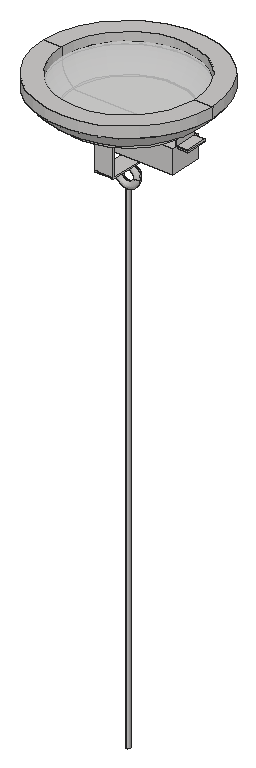
Revit family "0039314", category Lighting Fixtures, host Face, Revit 2017
Family settings
  Host = Face
  Round Connector Dimension = Use Diameter
  Part Type = Normal
  OmniClass Number = 23.80.70.11.17
  OmniClass Title = Specialized Lighting by Location or Use
  Cut with Voids When Loaded = No
  Light Source = Yes
  Shared = No
  Room Calculation Point = No
Parameters (values of type "START LED HIGHBAY 4000K 10KLM WIDE DALI")
  Weight = 2.5 kg
  Wattage = 95 W
  built-in parameter 1150110 = 1 (stored number, unit not read)
  Voltage Comments = "UNV (Universal Voltage; 220-240 Volt)"  # constant formula
  Voltage = 230 V  # constant formula
  URL = "https://www.sylvania-lighting.com"
  Radius = 140.2 mm
  Mounting Material = Metal_Sylvania_Start LED HighBay_Silver
  Mounting Height = 1000.0 mm
  Mounting Radius = 50.0 mm
  Mounting Brackets Distance = Radius - 45.5 mm  # 94.7 mm
  Mounting Bracket Width = 100.0 mm
  Mounting Bracket Length = 30.0 mm
  Housing Material = Magnesium_Sylvania_Start LED HighBay_Silver_RAL 9006
  Energy Class = "A++,A+,A"  # constant formula
  Electrical Protection = "CLASS I"  # constant formula
  Diffuser Radius = Radius - 30.0 mm  # 110.2 mm
  built-in parameter 1114217 = 1 (stored number, unit not read)
  Tilt Angle = -90°
  built-in parameter 1150109 = 1 (stored number, unit not read)
  built-in parameter 1150134 = 12
  built-in parameter 1150113 = 1 (stored number, unit not read)
  Product Page URL = "https://www.sylvania-lighting.com/product/en-int/products/0039314"
  Product Family = "Start LED Highbay"  # constant formula
  Photometry Comments = ""
  Photometric Web File = "0039314_STARTLEDHIGHBAY4000K10KLMWIDEDALI-207910.ies"
  Life = "50 000 h"  # constant formula
  IP Rating = "IP65"  # constant formula
  IK Rating = "IK08"  # constant formula
  Emit from Circle Diameter = Diffuser Diameter  # 220.4 mm
  Drive Current = "2450 mA"
  Diffuser Diameter = Diameter - 60.0 mm  # 220.4 mm
  Diffuser Material = Polycarbonate_Sylvania_Start LED HighBay_Clear
  built-in parameter 1114216 [instance] = 1 (stored number, unit not read)
  Model = "START LED HIGHBAY 4000K 10KLM WIDE DALI"
  Manufacturer = "Feilo-Sylvania Group"
  built-in parameter 1150105 = 840.51 (stored number, unit not read)
  Lumens = 10562.1 lm
  built-in parameter 1150115 = 1 (stored number, unit not read)
  built-in parameter 1150137 = (empty or 0)
  built-in parameter 1150139 = (empty or 0)
  built-in parameter 1150112 = 1 (stored number, unit not read)
  built-in parameter 1150114 = 1 (stored number, unit not read)
  Lamp = "LED Panel"  # constant formula
  built-in parameter 1150132 = 2
  built-in parameter 1150102 = (empty or 0)
  built-in parameter 1150107 = 4000 (stored number, unit not read)
  built-in parameter 1150138 = (empty or 0)
  built-in parameter 1150106 = 8.4051 (stored number, unit not read)
  Diameter = Radius * 2  # 280.4 mm
  Emit Shape Visible in Rendering = yes
  built-in parameter 1150104 = 10.329 (stored number, unit not read)
  Dimming Lamp Color Temperature Shift = <None>
  Description = "The new Start LED Highbay is a range of industrial fixtures developed for retail, industry, manufacturing, airports and data centres. Start LED Highbay delivers high performance: up to 21,573 lm (luminaire lumen output on 190W version) and delivers up to 114 lm/W (total system efficiency). Start LED Highbay is available in 2 versions (95W or 190W) and 2 beam angles (medium or wide beam), allowing you to choose the best option depending the job on hand. Being part of the EVO LED range of luminaires means Start LED Highbay has been developed for efficiency, functionality and reliability; making it the go-to range for installers and contractors."  # constant formula
  Default Elevation = 0.0 mm
  Color Filter = 16777215
  Catalog Number = "0039314 START LED HIGHBAY 4000K 10KLM WIDE DALI"
  built-in parameter 1140040 [instance] = 1
  Beam Angle = 85°
  built-in parameter 1114218 = 1 (stored number, unit not read)
  built-in parameter 1150133 = 10 (stored number, unit not read)
  Assembly Code = "D5020200"
  Apparent Load Comments = ""
  Apparent Load = 95 VA
Reference planes
  plane 1 "Center (Front/Back)": y = 0
  plane 2 "Fixture Top": z = 0
  plane 3 "Center (Left/Right)": x = 0
  plane 4 "Fixture Bottom": z = 1000
  plane 5: z = 982
  plane 6 "Head Top": z = 942
  plane 7: z = 986.5
  plane 8: z = 850
  plane 9: z = 932
  plane 10: z = 894.5
  plane 11: z = 870
  plane 12: z = 945
  plane 13: y = -50
  plane 14: y = 50
  plane 15: x = 15
  plane 16: x = -15
  plane 17: y = -17.5
  plane 18: y = 17.5
  plane 19: x = -94.7
  plane 20: x = 94.7
  plane 21: y = -25.5
  plane 22: y = 25.5
Forms (mm)
  Revolve 1, solid, material "Magnesium_Sylvania_Start LED HighBay_Silver_RAL 9006" <- "Housing Material", detail levels fine
    sketch origin (0, 0, 0) x (1, 0, 0) y (0, 0, 1)
      loop
        line (-140.2, 1000) -> (-140.2, 982)
        arc (-140.2, 982) -> (-119.514, 960.962) -> (-94.7, 945) r 133.031
        line (-94.7, 945) -> (-94.7, 942) -> (0, 942) -> (0, 945) -> (-91.718, 945) -> (-91.718, 947)
        arc (-91.718, 947) -> (-105.296, 962.21) -> (-110.2, 982) r 42.382
        line (-110.2, 982) -> (-110.2, 1000) -> (-140.2, 1000)
      axis (0, 1000) -> (0, 942)
    angle from 0 to 360
  Extrusion 2, solid, material "Metal_Sylvania_Start LED HighBay_Silver" <- "Mounting Material", detail levels fine
    sketch origin (0, 0, 0) x (0, 1, 0) y (0, 0, 1)
      loop
        line (50, 942) -> (48, 942) -> (48, 874)
        arc (48, 874) -> (47.414, 872.586) -> (46, 872) r 2
        line (46, 872) -> (-46, 872)
        arc (-46, 872) -> (-47.414, 872.586) -> (-48, 874) r 2
        line (-48, 874) -> (-48, 942) -> (-50, 942) -> (-50, 872)
        arc (-50, 872) -> (-49.414, 870.586) -> (-48, 870) r 2
        line (-48, 870) -> (48, 870)
        arc (48, 870) -> (49.414, 870.586) -> (50, 872) r 2
        line (50, 872) -> (50, 942)
    from -15 to 15
  Sweep 3, solid, material "Metal_Sylvania_Start LED HighBay_Silver" <- "Mounting Material", detail levels fine
    path origin (0, 0, 0) x (1, 0, 0) y (0, 0, 1)
      loop
        circle (0, 850) r 15
    profile origin (0, 0, 865) x (0, 0, -1) y (0, -1, 0)
      loop
        circle (0, 0) r 5
  Extrusion 4, solid, material "Magnesium_Sylvania_Start LED HighBay_Silver_RAL 9006" <- "Housing Material", detail levels fine
    sketch origin (0, 0, 0) x (1, 0, 0) y (0, 0, 1)
      loop
        line (-94.7, 942) -> (-94.7, 934) -> (-112.7, 934) -> (-112.7, 932) -> (-92.7, 932) -> (-92.7, 940) -> (-74.7, 940) -> (-74.7, 942) -> (-94.7, 942)
      loop
        line (94.7, 942) -> (74.7, 942) -> (74.7, 940) -> (92.7, 940) -> (92.7, 932) -> (112.7, 932) -> (112.7, 934) -> (94.7, 934) -> (94.7, 942)
    from -17.5 to 17.5
  Extrusion 5, solid, material "Magnesium_Sylvania_Start LED HighBay_Silver_RAL 9006" <- "Housing Material", detail levels fine
    sketch origin (0, 0, 0) x (0, 1, 0) y (0, 0, 1)
      loop
        line (25.5, 894.5) -> (25.5, 932) -> (-25.5, 932) -> (-25.5, 894.5) -> (25.5, 894.5)
    from -94.7 to 94.7
  Extrusion 6, solid, material "Magnesium_Sylvania_Start LED HighBay_Silver_RAL 9006" <- "Housing Material", detail levels fine
    sketch origin (0, 0, 0) x (1, 0, 0) y (0, 0, 1)
      loop
        line (-112.7, 932) -> (-112.7, 930) -> (-94.7, 930) -> (-94.7, 932) -> (-112.7, 932)
      loop
        line (112.7, 932) -> (94.7, 932) -> (94.7, 930) -> (112.7, 930) -> (112.7, 932)
    from -17.5 to 17.5
  Extrusion 7, solid, material "Metal_Sylvania_Start LED HighBay_Silver" <- "Mounting Material", detail levels fine
    sketch origin (0, 0, 13.919) x (0, -1, 0) y (1, 0, 0)
      loop
        circle (0, 0) r 3
    from -13.919 to 821.081
  Extrusion 8, solid, material "Polycarbonate_Sylvania_Start LED HighBay_Clear" <- "Diffuser Material", detail levels fine
    sketch origin (0, 0, 15) x (0, -1, 0) y (1, 0, 0)
      loop
        circle (0, 0) r 110.2
    from 967 to 971.5
  Revolve 9, solid, material "Magnesium_Sylvania_Start LED HighBay_Silver_RAL 9006" <- "Housing Material", detail levels coarse+medium
    sketch origin (0, 0, 0) x (1, 0, 0) y (0, 0, 1)
      loop
        line (-140.2, 1000) -> (-140.2, 982)
        arc (-140.2, 982) -> (-119.514, 960.962) -> (-94.7, 945) r 133.031
        line (-94.7, 945) -> (-94.7, 942) -> (0, 942) -> (0, 1000) -> (-140.2, 1000)
      axis (0, 942) -> (0, 1000)
    angle from 0 to 360
  Extrusion 10, solid, material "Metal_Sylvania_Start LED HighBay_Silver" <- "Mounting Material", detail levels coarse+medium
    sketch origin (0, 0, 15) x (0, -1, 0) y (1, 0, 0)
      loop
        line (-50, -15) -> (50, -15) -> (50, 15) -> (-50, 15) -> (-50, -15)
    from 855 to 927
Cuts and joins
  joined: Extrusion 5, Extrusion 6
  joined: Sweep 3, Extrusion 7
Lines and regions (mm)
  model lines, detail levels coarse+medium
    curve 1: line (0, 0, 870) -> (0, 0, 0)
Dimensions and locks
  "Radius": plane 3 "Center (Left/Right)" to Revolve 1 sketch curve
  "Diffuser Radius": plane 3 "Center (Left/Right)" to Revolve 1 sketch curve
  locked: Revolve 1 sketch curve to Revolve 1 sketch curve at 45.5
  locked: Revolve 1 sketch curve to Revolve 1 sketch curve at 48.482
  equal spacing: plane 14, plane 1 "Center (Front/Back)", plane 13
  "Mounting Bracket Width": plane 14 to plane 13
  locked: plane 14 to Extrusion 2 sketch curve at 2
  locked: Extrusion 2 sketch curve to plane 13 at 2
  locked: Extrusion 2 sketch curve to plane 11 at 2
  equal spacing: plane 16, plane 3 "Center (Left/Right)", plane 15
  "Mounting Bracket Length": plane 16 to plane 15
  plane 17 to plane 21 to plane 13 = 8.0 mm locked, 24.5 mm
  plane 14 to plane 22 to plane 18 = 24.5 mm locked, 8.0 mm
  locked: plane 9 to Extrusion 4 sketch curve at 2  (x2)
  locked: Extrusion 4 sketch curve to plane 6 "Head Top" at 2  (x2)
  Extrusion 4 sketch curve to Extrusion 4 sketch curve to Extrusion 4 sketch curve to Extrusion 4 sketch curve = 18.0 mm locked, 2.0 mm locked, 18.0 mm locked  (x2)
  "Mounting Brackets Distance": Extrusion 4 sketch curve to plane 3 "Center (Left/Right)"  (x2)
  plane 1 "Center (Front/Back)" to Extrusion 5 sketch curve = 25.5 mm
  Extrusion 5 sketch curve to plane 1 "Center (Front/Back)" = 25.5 mm
  locked: plane 9 to Extrusion 6 sketch curve at 2
  locked: Extrusion 6 sketch curve to Extrusion 6 sketch curve at 2
  locked: plane 8 to Extrusion 7 at 15
  plane 4 "Fixture Bottom" to plane 7 to plane 5 to plane 12 to plane 6 "Head Top" to plane 9 to plane 10 to plane 11 to plane 8 = 13.5 mm locked, 4.5 mm locked, 37.0 mm, 3.0 mm locked, 10.0 mm locked, 37.5 mm locked, 24.5 mm locked, 20.0 mm locked
  "Mounting Height": plane 4 "Fixture Bottom" to plane 2 "Fixture Top"
  locked: Revolve 9 sketch curve to Revolve 9 sketch curve at 45.5
  "Radius": imposter light to Revolve 9 sketch curve
  locked: Revolve 1 sketch curve to plane 12 at 2
  equal spacing: plane 20, plane 3 "Center (Left/Right)", plane 19
  "Mounting Brackets Distance": plane 3 "Center (Left/Right)" to plane 19
  "Diffuser Diameter": diameter of Extrusion 8 sketch curve
  aligned and locked: plane 2 "Fixture Top" to host face
  aligned and locked: level to host face
  aligned and locked: plane 1 "Center (Front/Back)" to imposter light
  aligned and locked: Revolve 1 sketch curve to plane 6 "Head Top"
  aligned and locked: Revolve 1 sketch curve to plane 3 "Center (Left/Right)"  (x2)
  aligned and locked: plane 5 to Revolve 1 sketch curve  (x2)
  aligned and locked: plane 4 "Fixture Bottom" to Revolve 1 sketch curve
  aligned and locked: Revolve 1 sketch curve to plane 12
  aligned and locked: Extrusion 2 sketch curve to plane 14
  aligned and locked: plane 13 to Extrusion 2 sketch curve
  aligned and locked: plane 6 "Head Top" to Extrusion 2 sketch curve
  aligned and locked: Extrusion 2 sketch curve to plane 11
  aligned and locked: Extrusion 2 to plane 15
  aligned and locked: Extrusion 2 to plane 16
  aligned and locked: plane 17 to Extrusion 4
  aligned and locked: plane 18 to Extrusion 4
  aligned and locked: plane 9 to Extrusion 5 sketch curve
  aligned and locked: Extrusion 5 sketch curve to plane 10
  aligned and locked: plane 20 to Extrusion 5
  aligned and locked: plane 19 to Extrusion 5
  aligned and locked: Extrusion 6 sketch curve to Extrusion 4  (x4)
  aligned and locked: plane 19 to Extrusion 6 sketch curve
  aligned and locked: Extrusion 6 sketch curve to plane 20
  aligned and locked: plane 18 to Extrusion 6
  aligned and locked: plane 17 to Extrusion 6
  aligned and locked: cut or joined group of Sweep 3, Extrusion 7 to plane 2 "Fixture Top"
  aligned and locked: plane 7 to Extrusion 8
  aligned and locked: Extrusion 8 to plane 5
  aligned and locked: imposter light to plane 4 "Fixture Bottom"
  aligned and locked: plane 3 "Center (Left/Right)" to imposter light
  aligned and locked: imposter light to Revolve 9 sketch curve
  aligned and locked: plane 5 to Revolve 9 sketch curve
  aligned and locked: plane 12 to Revolve 9 sketch curve
  aligned and locked: Revolve 9 sketch curve to plane 6 "Head Top"
  aligned and locked: Revolve 9 sketch curve to plane 3 "Center (Left/Right)"
  aligned and locked: Revolve 9 sketch curve to imposter light
  aligned and locked: plane 15 to Extrusion 10 sketch curve
  aligned and locked: Extrusion 10 sketch curve to plane 16
  aligned and locked: plane 14 to Extrusion 10 sketch curve
  aligned and locked: Extrusion 10 sketch curve to plane 13
  aligned and locked: plane 6 "Head Top" to Extrusion 10
  aligned and locked: Extrusion 10 to plane 11
  aligned and locked: plane 2 "Fixture Top" to curve 1
  aligned and locked: curve 1 to plane 3 "Center (Left/Right)"
  aligned and locked: plane 11 to curve 1
  aligned and locked: plane 21 to cut or joined group of Extrusion 5, Extrusion 6
  aligned and locked: plane 22 to cut or joined group of Extrusion 5, Extrusion 6
Automatic sketch dimensions
  host sketch curve to host sketch curve = 1305.563 mm
  host sketch curve to host sketch curve = 1283.632 mm
  Extrusion 2 sketch curve to plane 6 "Head Top" = 0.0 mm
  Extrusion 2 sketch curve to plane 13 = 2.0 mm
  Extrusion 2 sketch curve to Extrusion 2 sketch curve = 2.0 mm  (x2)
  plane 14 to Extrusion 2 sketch curve = 2.0 mm
  Sweep 3 sketch curve to plane 3 "Center (Left/Right)" = 0.0 mm
  Sweep 3 sketch curve to plane 8 = 0.0 mm
  Sweep 3 sketch curve to plane 1 "Center (Front/Back)" = 0.0 mm
  Sweep 3 sketch curve to profile plane = 0.0 mm
  plane 1 "Center (Front/Back)" to Extrusion 7 sketch curve = 0.0 mm
  Extrusion 7 sketch curve to plane 3 "Center (Left/Right)" = 0.0 mm
  Revolve 1 sketch curve to plane 12 = 0.0 mm
  plane 16 to Revolve 1 sketch curve = 20.583 mm
  Revolve 1 sketch curve to level = 372.274 mm
  Revolve 1 sketch curve to Revolve 1 sketch curve = 303.842 mm
  Extrusion 4 sketch curve to plane 9 = 0.0 mm  (x2)
  Extrusion 4 sketch curve to plane 6 "Head Top" = 0.0 mm  (x2)
  plane 1 "Center (Front/Back)" to Extrusion 8 sketch curve = 0.0 mm
  Extrusion 8 sketch curve to plane 3 "Center (Left/Right)" = 0.0 mm
  plane 16 to Revolve 9 sketch curve = 20.583 mm
  Revolve 9 sketch curve to plane 8 = 154.8 mm
  Revolve 9 sketch curve to Revolve 9 sketch curve = 240.626 mm
  radius of Sweep 3 sketch curve = 15.0 mm
  radius of Sweep 3 sketch curve = 5.0 mm
  radius of Extrusion 7 sketch curve = 3.0 mm
Connectors
  electrical at (0, 0, 0), driven by "Voltage", driven by "Apparent Load"
    settings: on cut or joined group of Sweep 3, Extrusion 7, index 1, voltage 230 V, apparent load 0 VA, apparent load phase1 95 VA, apparent load phase2 0 VA, apparent load phase3 0 VA, power factor 1, load classification "Lighting", number of poles 1, system type 31, power factor state 1, is connector primary yes, connector utility no, sub classification motor no, connector description ""
